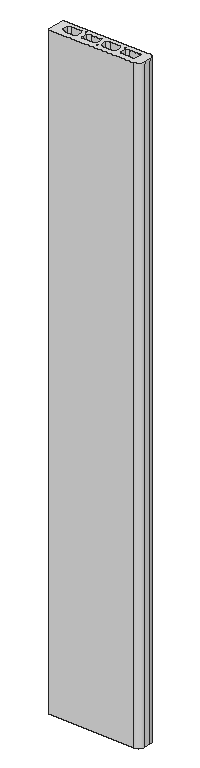
Revit family "ECP_MNFK-6030S3", category Generic Models, Revit 2022
Family settings
  Can host rebar = No
  Round Connector Dimension = Use Diameter
  Part Type = Normal
  Work Plane-Based = No
  Always vertical = Yes
  Cut with Voids When Loaded = Yes
  Maintain Annotation Orientation = No
  Shared = No
  Room Calculation Point = No
Parameters (values of type "ECP_MNFK-6030S3")
  長さ [instance] = 2000 mm
  穴表示 = yes
  材質 = 40Msr_ECP
  Default Elevation = 0 mm
  既存長さ = 310 mm
  幅 [instance] = 300 mm
  固定寸法 = 300 mm
  厚さ = 60 mm
  メースカット非表示 = yes
  メースカット [instance] = 既存長さ - 幅 - 10 mm  # 0 mm
  オースカット非表示 = no
  オースカット = 0 mm
Reference planes
  plane 1 "中心(正面/背面)": y = 0
  plane 2: z = 0
  plane 3 "中心(左/右)": x = 0
  plane 4: y = -30
  plane 5: y = 30
  plane 6: z = 2000
  plane 7: x = 300
Forms (mm)
  Extrusion 1, solid, material "40Msr_ECP" <- "材質", detail levels fine
    sketch origin (0, 0, 0) x (1, 0, 0) y (0, 1, 0)
      loop
        line (0, -28) -> (2, -30) -> (280, -30)
        arc (280, -30) -> (294.142, -24.142) -> (300, -10) r 20
        line (300, -10) -> (300, 10)
        arc (300, 10) -> (294.142, 24.142) -> (280, 30) r 20
        line (280, 30) -> (2, 30) -> (0, 28) -> (0, -28)
    from 0 to 2000
  Extrusion 2, void
    sketch origin (-50, 0, 0) x (1, 0, 0) y (0, 1, 0)
      loop
        line (350, -30) -> (360, -30) -> (360, 30) -> (350, 30) -> (350, -30)
    from 0 to 2000
  Extrusion 3, void
    sketch origin (-617, 0, 0) x (1, 0, 0) y (0, 1, 0)
      loop
        line (655, -15) -> (689, -15)
        arc (689, -15) -> (694.657, -12.657) -> (697, -7) r 8
        line (697, -7) -> (697, 7) -> (689, 15) -> (655, 15)
        arc (655, 15) -> (649.343, 12.657) -> (647, 7) r 8
        line (647, 7) -> (647, -7) -> (655, -15)
      loop
        line (718, -15) -> (752, -15) -> (760, -7) -> (760, 7)
        arc (760, 7) -> (757.657, 12.657) -> (752, 15) r 8
        line (752, 15) -> (718, 15) -> (710, 7) -> (710, -7)
        arc (710, -7) -> (712.343, -12.657) -> (718, -15) r 8
      loop
        line (781, -15) -> (815, -15)
        arc (815, -15) -> (820.657, -12.657) -> (823, -7) r 8
        line (823, -7) -> (823, 7) -> (815, 15) -> (781, 15)
        arc (781, 15) -> (775.343, 12.657) -> (773, 7) r 8
        line (773, 7) -> (773, -7) -> (781, -15)
      loop
        line (844, -15) -> (878, -15)
        arc (878, -15) -> (883.657, -12.657) -> (886, -7) r 8
        line (886, -7) -> (886, 7)
        arc (886, 7) -> (883.657, 12.657) -> (878, 15) r 8
        line (878, 15) -> (844, 15) -> (836, 7) -> (836, -7)
        arc (836, -7) -> (838.343, -12.657) -> (844, -15) r 8
      loop
        circle (703.5, 17) r 1.3
      loop
        circle (766.5, -17) r 1.3
      loop
        circle (829.5, 17) r 1.3
    from 0 to 2000
Cuts and joins
  Extrusion 2, Extrusion 3 cuts Extrusion 1
Lines and regions (mm)
  symbolic lines, style "ECPパネル", detail levels coarse+medium
    curve 1: line (0, 30, 0) -> (300, 30, 0)
    curve 2: line (0, -30, 0) -> (0, 30, 0)
    curve 3: line (300, -30, 0) -> (0, -30, 0)
    curve 4: line (300, 30, 0) -> (300, -30, 0)
    curve 5: line (0, 0, 0) -> (300, 0, 0)
    curve 6: line (0, 0, 2000) -> (0, 0, 0)
    curve 7: line (300, 0, 2000) -> (0, 0, 2000)
    curve 8: line (300, 0, 0) -> (300, 0, 2000)
    curve 9: line (0, -30, 2000) -> (0, 30, 2000)
    curve 10: line (0, -30, 0) -> (0, -30, 2000)
    curve 11: line (0, 30, 0) -> (0, -30, 0)
    curve 12: line (0, 30, 2000) -> (0, 30, 0)
  model lines, detail levels coarse+medium
    curve 13: line (0, 8, 0) -> (0, -8, 0)
Dimensions and locks
  "厚さ": plane 4 to plane 5
  "長さ": plane 6 to level
  equal spacing: plane 4, plane 1 "中心(正面/背面)", plane 5
  "既存長さ": plane 3 "中心(左/右)" to Extrusion 2
  "既存長さ": plane 3 "中心(左/右)" to Extrusion 2 sketch curve
  "長さ": cut or joined group of Extrusion 1, Extrusion 2, Extrusion 3 to level
  "長さ": Extrusion 2 to level
  "幅": cut or joined group of Extrusion 1, Extrusion 2, Extrusion 3 to curve 8
  "長さ": level to Extrusion 3
  "幅": plane 3 "中心(左/右)" to plane 7
  "メースカット": Extrusion 2 sketch curve to cut or joined group of Extrusion 1, Extrusion 2, Extrusion 3
  "固定寸法": plane 3 "中心(左/右)" to cut or joined group of Extrusion 1, Extrusion 2, Extrusion 3
  aligned and locked: level to plane 2
Automatic sketch dimensions
  curve 11 to level = 0 mm
  curve 11 to plane 4 = 0 mm
  curve 11 to plane 5 = 0 mm
  curve 10 to plane 6 = 0 mm
  curve 7 to plane 3 "中心(左/右)" = 0 mm
  curve 7 to plane 6 = 0 mm
  curve 8 to level = 0 mm
  Extrusion 1 sketch curve to plane 3 "中心(左/右)" = 0 mm
  plane 5 to Extrusion 1 sketch curve = 0 mm
  plane 4 to Extrusion 1 sketch curve = 0 mm
  plane 3 "中心(左/右)" to Extrusion 1 sketch curve = 2 mm  (x2)
  Extrusion 1 sketch curve to plane 4 = 2 mm
  plane 5 to Extrusion 1 sketch curve = 2 mm
  Extrusion 1 sketch curve to Extrusion 1 sketch curve = 278 mm
  Extrusion 1 sketch curve to Extrusion 1 sketch curve = 0 mm
  Extrusion 1 sketch curve to plane 1 "中心(正面/背面)" = 10 mm
  plane 1 "中心(正面/背面)" to Extrusion 3 sketch curve = 7 mm  (x4)
  plane 3 "中心(左/右)" to Extrusion 3 sketch curve = 30 mm
  Extrusion 3 sketch curve to Extrusion 3 sketch curve = 8 mm  (x11)
  Extrusion 3 sketch curve to plane 4 = 15 mm  (x3)
  Extrusion 3 sketch curve to Extrusion 3 sketch curve = 34 mm  (x4)
  Extrusion 3 sketch curve to Extrusion 3 sketch curve = 0 mm  (x4)
  Extrusion 3 sketch curve to Extrusion 3 sketch curve = 6.5 mm  (x5)
  Extrusion 3 sketch curve to Extrusion 3 sketch curve = 13 mm
  Extrusion 3 sketch curve to plane 1 "中心(正面/背面)" = 15 mm  (x3)
  Extrusion 3 sketch curve to plane 1 "中心(正面/背面)" = 7 mm  (x6)
  Extrusion 3 sketch curve to Extrusion 3 sketch curve = 10 mm  (x3)
  curve 1 to plane 3 "中心(左/右)" = 0 mm
  curve 13 to plane 3 "中心(左/右)" = 0 mm
  plane 4 to curve 4 = 0 mm
  curve 4 to plane 7 = 0 mm
  plane 5 to curve 1 = 0 mm
  plane 1 "中心(正面/背面)" to curve 13 = 8 mm
  curve 13 to plane 1 "中心(正面/背面)" = 8 mm
  plane 4 to Extrusion 2 sketch curve = 0 mm
  plane 5 to Extrusion 2 sketch curve = 0 mm
  radius of Extrusion 3 sketch curve = 1.3 mm  (x3)
